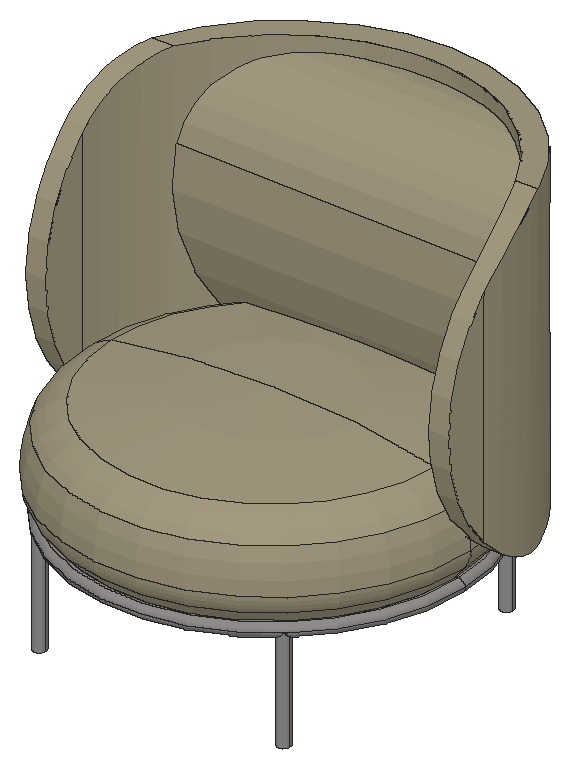
Revit family "FU_Chair_Sandler_Metiz 480-21", category Furniture, Revit 2020
Family settings
  OmniClass Number = 23.40.20.00
  OmniClass Title = General Furniture and Specialties
  Work Plane-Based = No
  Always vertical = Yes
  Cut with Voids When Loaded = No
  Shared = No
  Room Calculation Point = No
Parameters (values of type "Metiz 480.21")
  Width = 820 mm
  URL = "https://www.sandlerseating.com/product/metiz-480-21/"
  Seat [instance] = Fabric - Mainline Flax - Kensington MLF07
  Model = "Metiz 480.21"
  Manufacturer = "Sandler"
  Height = 820 mm
  Frame [instance] = Metal Lacquers - Bronze
  Description = "Upholstered lounge chair on a lacquered steel frame."
  Depth = 820 mm
  Default Elevation = 0 mm
Reference planes
  plane 1 "Center (Front/Back)": y = 0
  plane 2: z = 0
  plane 3 "Center (Left/Right)": x = 0
  plane 4 "Right": x = -410
  plane 5 "Left": x = 410
  plane 6 "Back": y = 410
  plane 7 "Front": y = -410
  plane 8 "Height": z = 820
  plane 9 "Seat height": z = 420
  plane 10 "Seat C TOP": y = -22.686
  plane 11 "Frame Ring C FRONT": z = 201.058
Forms (mm)
  Sweep 1, solid, material "Metal Lacquers - Bronze" <- "Frame"
    path origin (0, 0, 201.058) x (-1, 0, 0) y (0, -1, 0)
      loop
        circle (0, 22.686) r 360
    profile "Pro_Circles : 25mm" origin (0, -382.686, 201.058) x (0, 1, 0) y (0, 0, 1)
      loop
        arc (-12.467, 0.067) -> (-8.882, -8.788) -> (-0.067, -12.467) r 12.401
        arc (-0.067, -12.467) -> (8.836, -8.836) -> (12.467, 0.067) r 12.401
        arc (12.467, 0.067) -> (8.788, 8.882) -> (-0.067, 12.467) r 12.401
        arc (-0.067, 12.467) -> (-8.835, 8.835) -> (-12.467, 0.067) r 12.4
  Extrusion 2, solid, material "Metal Lacquers - Bronze" <- "Frame"
    sketch origin (0, 0, 0) x (1, 0, 0) y (0, 1, 0)
      loop
        circle (-237.354, -293.355) r 12
    from 0 to 201.058
  Extrusion 3, solid, material "Metal Lacquers - Bronze" <- "Frame"
    sketch origin (0, 0, 0) x (1, 0, 0) y (0, 1, 0)
      loop
        circle (237.266, -293.254) r 12
    from 0 to 201.058
  Extrusion 4, solid, material "Metal Lacquers - Bronze" <- "Frame"
    sketch origin (0, -45.372, 0) x (1, 0, 0) y (0, 1, 0)
      loop
        circle (-237.354, 293.355) r 12
    from 0 to 201.058
  Extrusion 5, solid, material "Metal Lacquers - Bronze" <- "Frame"
    sketch origin (0, -45.372, 0) x (1, 0, 0) y (0, 1, 0)
      loop
        circle (237.266, 293.254) r 12
    from 0 to 201.058
  Revolve 6, solid, material "Fabric - Mainline Flax - Kensington MLF07" <- "Seat"
    sketch origin (0, -22.686, 0) x (-1, 0, 0) y (0, 0, 1)
      loop
        arc (313.852, 391.994) -> (157.66, 414.225) -> (0, 420) r 1506.493
        line (0, 420) -> (0, 199.305) -> (346.86, 199.305)
        arc (346.86, 199.305) -> (347.276, 204.898) -> (349.933, 209.837) r 13.473
        arc (349.933, 209.837) -> (360.473, 222.05) -> (370.797, 234.448) r 916.174
        arc (370.797, 234.448) -> (380.353, 250.829) -> (384.365, 269.364) r 60.466
        arc (384.365, 269.364) -> (381.803, 310.791) -> (369.668, 350.484) r 177.09
        arc (369.668, 350.484) -> (345.052, 375.665) -> (313.852, 391.994) r 112.412
      axis (0, 420) -> (0, 199.305)
    angle from 0 to 360
  Extrusion 7, solid, material "Fabric - Mainline Flax - Kensington MLF07" <- "Seat"
    sketch origin (0, 0, 0) x (1, 0, 0) y (0, 1, 0)
      loop
        line (-410, -22.686) -> (-410, -122.86) -> (-372.467, -122.86) -> (-372.467, -22.686)
        spline (-372.467, -22.686) -> (-359.775, 76.922) -> (-322.566, 169.741) -> (-263.374, 249.447) -> (-186.233, 310.607) -> (-96.401, 349.054) -> (0, 362.168) -> (96.401, 349.054) -> (186.233, 310.607) -> (263.374, 249.447) -> (322.566, 169.741) -> (359.775, 76.922) -> (372.467, -22.686)
        line (372.467, -22.686) -> (372.467, -122.86) -> (410, -122.86) -> (410, -22.686)
        spline (410, -22.686) -> (396.03, 89.301) -> (355.07, 193.657) -> (289.914, 283.269) -> (205, 352.031) -> (106.116, 395.257) -> (0, 410) -> (-106.116, 395.257) -> (-205, 352.031) -> (-289.914, 283.269) -> (-355.07, 193.657) -> (-396.03, 89.301) -> (-410, -22.686)
    from 201.058 to 820
  Extrusion 8, void
    sketch origin (0, 0, 0) x (0, 1, 0) y (0, 0, 1)
      loop
        line (205.01, 824.648) -> (205.01, 864.648) -> (-140.236, 864.648) -> (-140.236, 154.648) -> (205.01, 154.648) -> (205.01, 194.648)
        arc (205.01, 194.648) -> (-109.99, 509.648) -> (205.01, 824.648) r 315
    from -420 to 420
  Extrusion 9, solid, material "Fabric - Mainline Flax - Kensington MLF07" <- "Seat"
    sketch origin (0, -25.637, 0) x (0, 1, 0) y (0, 0, 1)
      loop
        arc (410, 781.368) -> (264.345, 769.289) -> (180.639, 649.477) r 171.889
        arc (180.639, 649.477) -> (183.98, 493.674) -> (245.481, 350.484) r 408.071
        line (245.481, 350.484) -> (410, 350.484) -> (410, 781.368)
    from -372.467 to 372.467
  Extrusion 10, void
    sketch origin (0, 0, 201.058) x (-1, 0, 0) y (0, -1, 0)
      loop
        line (-360.763, -125.468) -> (-410, -125.468) -> (-410, -410) -> (410, -410) -> (410, -125.468) -> (360.763, -125.468)
        arc (360.763, -125.468) -> (0, -367.314) -> (-360.763, -125.468) r 390
    from 134.432 to 618.942
Cuts and joins
  Extrusion 8 cuts Extrusion 7
  Extrusion 10 cuts Extrusion 9
Lines and regions (mm)
  reference lines
    curve 1: line (0, 0, 187.947) -> (0, 0, 214.168)
Dimensions and locks
  equal spacing: plane 4 "Right", plane 3 "Center (Left/Right)", plane 5 "Left"
  "Width": plane 4 "Right" to plane 5 "Left"
  equal spacing: plane 6 "Back", plane 1 "Center (Front/Back)", plane 7 "Front"
  "Depth": plane 6 "Back" to plane 7 "Front"
  "Height": plane 8 "Height" to level
  plane 9 "Seat height" to level = 420 mm
  aligned and locked: level to plane 2
Automatic sketch dimensions
  curve 1 to plane 3 "Center (Left/Right)" = 0 mm
  curve 1 to plane 11 "Frame Ring C FRONT" = 13.11 mm
  plane 11 "Frame Ring C FRONT" to curve 1 = 13.11 mm
  Sweep 1 sketch curve to plane 3 "Center (Left/Right)" = 0 mm
  Sweep 1 sketch curve to plane 10 "Seat C TOP" = 0 mm
  Extrusion 2 sketch curve to plane 4 "Right" = 172.646 mm
  plane 7 "Front" to Extrusion 2 sketch curve = 116.645 mm
  plane 5 "Left" to Extrusion 3 sketch curve = 172.734 mm
  plane 7 "Front" to Extrusion 3 sketch curve = 116.746 mm
  plane 4 "Right" to Extrusion 4 sketch curve = 172.646 mm
  plane 6 "Back" to Extrusion 4 sketch curve = 162.017 mm
  Extrusion 5 sketch curve to plane 5 "Left" = 172.734 mm
  plane 6 "Back" to Extrusion 5 sketch curve = 162.118 mm
  Extrusion 7 sketch curve to plane 4 "Right" = 0 mm
  Extrusion 7 sketch curve to plane 10 "Seat C TOP" = 0 mm  (x2)
  Extrusion 7 sketch curve to plane 3 "Center (Left/Right)" = 0 mm  (x2)
  Extrusion 7 sketch curve to Extrusion 7 sketch curve = 37.533 mm
  Extrusion 7 sketch curve to Extrusion 7 sketch curve = 100.174 mm  (x2)
  plane 7 "Front" to Extrusion 7 sketch curve = 2.46 mm
  Extrusion 7 sketch curve to plane 7 "Front" = 45.372 mm
  plane 8 "Height" to Extrusion 8 sketch curve = 44.648 mm
  Extrusion 8 sketch curve to plane 10 "Seat C TOP" = 117.55 mm
  Extrusion 8 sketch curve to plane 6 "Back" = 204.99 mm  (x2)
  Extrusion 8 sketch curve to plane 11 "Frame Ring C FRONT" = 46.41 mm
  plane 8 "Height" to Extrusion 8 sketch curve = 4.648 mm
  Extrusion 8 sketch curve to plane 11 "Frame Ring C FRONT" = 6.41 mm
  Extrusion 9 sketch curve to plane 9 "Seat height" = 69.516 mm
  Extrusion 9 sketch curve to plane 6 "Back" = 190.156 mm
  Extrusion 9 sketch curve to plane 6 "Back" = 85.607 mm
  Extrusion 9 sketch curve to plane 6 "Back" = 25.637 mm
  plane 6 "Back" to Extrusion 9 sketch curve = 147.143 mm
  plane 9 "Seat height" to Extrusion 9 sketch curve = 160.161 mm
  Extrusion 9 sketch curve to plane 8 "Height" = 199.72 mm
  Extrusion 9 sketch curve to plane 8 "Height" = 38.632 mm
  Extrusion 10 sketch curve to plane 5 "Left" = 0 mm
  Extrusion 10 sketch curve to plane 3 "Center (Left/Right)" = 0 mm
  Extrusion 10 sketch curve to plane 4 "Right" = 0 mm
  Extrusion 10 sketch curve to plane 6 "Back" = 0 mm
  Extrusion 10 sketch curve to plane 10 "Seat C TOP" = 0 mm
  Extrusion 10 sketch curve to plane 1 "Center (Front/Back)" = 125.468 mm  (x2)
  Extrusion 10 sketch curve to plane 4 "Right" = 49.237 mm
  Extrusion 10 sketch curve to Extrusion 10 sketch curve = 0 mm
  Revolve 6 sketch curve to plane 3 "Center (Left/Right)" = 0 mm  (x2)
  Revolve 6 sketch curve to plane 9 "Seat height" = 0 mm
  Revolve 6 sketch curve to plane 8 "Height" = 5.507 mm
  plane 5 "Left" to Revolve 6 sketch curve = 71.626 mm
  Revolve 6 sketch curve to plane 3 "Center (Left/Right)" = 23.762 mm
  plane 11 "Frame Ring C FRONT" to Revolve 6 sketch curve = 78.164 mm
  Revolve 6 sketch curve to Revolve 6 sketch curve = 70.42 mm
  Revolve 6 sketch curve to Revolve 6 sketch curve = 46.023 mm
  plane 11 "Frame Ring C FRONT" to Revolve 6 sketch curve = 0.067 mm
  Revolve 6 sketch curve to plane 4 "Right" = 49.79 mm
  Revolve 6 sketch curve to plane 11 "Frame Ring C FRONT" = 1.753 mm
  plane 11 "Frame Ring C FRONT" to Revolve 6 sketch curve = 71.672 mm
  Revolve 6 sketch curve to Revolve 6 sketch curve = 12.732 mm
  Revolve 6 sketch curve to plane 9 "Seat height" = 28.006 mm
  Revolve 6 sketch curve to Revolve 6 sketch curve = 10.277 mm
  Revolve 6 sketch curve to plane 4 "Right" = 40.332 mm
  Revolve 6 sketch curve to Revolve 6 sketch curve = 20.864 mm
  Revolve 6 sketch curve to Revolve 6 sketch curve = 0 mm  (x3)
  Revolve 6 sketch curve to Revolve 6 sketch curve = 49.658 mm
  plane 11 "Frame Ring C FRONT" to Revolve 6 sketch curve = 8.779 mm
  Revolve 6 sketch curve to Revolve 6 sketch curve = 61.85 mm
  radius of Sweep 1 sketch curve = 360 mm
  radius of Extrusion 2 sketch curve = 12 mm
  radius of Extrusion 3 sketch curve = 12 mm
  radius of Extrusion 4 sketch curve = 12 mm
  radius of Extrusion 5 sketch curve = 12 mm
